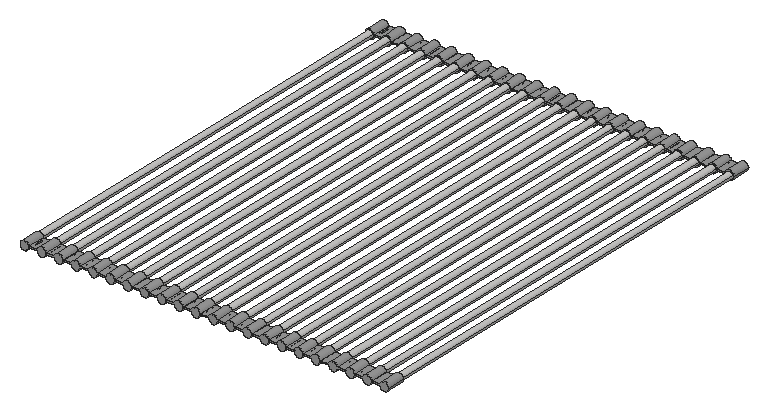
Revit family "ALMA-KACR008-Theo_500_Roll_Matt", category Generic Models, Revit 2026
Family settings
  Can host rebar = No
  Round Connector Dimension = Use Diameter
  Part Type = Normal
  Work Plane-Based = Yes
  Always vertical = Yes
  Cut with Voids When Loaded = No
  Maintain Annotation Orientation = No
  Shared = No
  Room Calculation Point = No
Parameters
  RollMat_Material = BM_STAINLESS STEEL
  Grip_Material = BM_MATTE BLACK
  Default Elevation = 1219.2 mm
Reference planes
  plane 1 "Center (Front/Back)": y = 0
  plane 2: z = 0
  plane 3 "Center (Left/Right)": x = 0
  plane 4: y = 250
  plane 5: y = -250
  plane 6: x = -205
  plane 7: x = 205
  plane 8: y = 230
  plane 9: y = -230
  plane 10: x = -200.19
Forms (mm)
  Extrusion 1, solid, material "BM_STAINLESS STEEL" <- "RollMat_Material"
    sketch origin (0, 0, 0) x (1, 0, 0) y (0, 0, 1)
      loop
        circle (-200.19, 0) r 3.5
    from -230 to 230
  Extrusion 2, solid, material "BM_MATTE BLACK" <- "Grip_Material"
    sketch origin (-0.076, 0, 0.191) x (1, 0, 0) y (0, 0, 1)
      loop
        arc (-195.385, 0.708) -> (-204.924, -0.371) -> (-195.332, -0.736) r 4.813
        line (-195.332, -0.736) -> (-185.828, -0.736)
        arc (-185.828, -0.736) -> (-181.046, -5.004) -> (-176.263, -0.736) r 4.813
        line (-176.263, -0.736) -> (-166.76, -0.736)
        arc (-166.76, -0.736) -> (-161.977, -5.004) -> (-157.195, -0.736) r 4.813
        line (-157.195, -0.736) -> (-147.691, -0.736)
        arc (-147.691, -0.736) -> (-142.909, -5.004) -> (-138.127, -0.736) r 4.813
        line (-138.127, -0.736) -> (-128.623, -0.736)
        arc (-128.623, -0.736) -> (-123.841, -5.004) -> (-119.058, -0.736) r 4.813
        line (-119.058, -0.736) -> (-109.555, -0.736)
        arc (-109.555, -0.736) -> (-104.772, -5.004) -> (-99.99, -0.736) r 4.813
        line (-99.99, -0.736) -> (-90.486, -0.736)
        arc (-90.486, -0.736) -> (-85.704, -5.004) -> (-80.922, -0.736) r 4.813
        line (-80.922, -0.736) -> (-71.418, -0.736)
        arc (-71.418, -0.736) -> (-66.636, -5.004) -> (-61.854, -0.736) r 4.813
        line (-61.854, -0.736) -> (-52.35, -0.736)
        arc (-52.35, -0.736) -> (-47.568, -5.004) -> (-42.785, -0.736) r 4.813
        line (-42.785, -0.736) -> (-33.281, -0.736)
        arc (-33.281, -0.736) -> (-28.499, -5.004) -> (-23.717, -0.736) r 4.813
        line (-23.717, -0.736) -> (-14.213, -0.736)
        arc (-14.213, -0.736) -> (-9.431, -5.004) -> (-4.649, -0.736) r 4.813
        line (-4.649, -0.736) -> (4.855, -0.736)
        arc (4.855, -0.736) -> (9.637, -5.004) -> (14.42, -0.736) r 4.813
        line (14.42, -0.736) -> (23.923, -0.736)
        arc (23.923, -0.736) -> (28.706, -5.004) -> (33.488, -0.736) r 4.813
        line (33.488, -0.736) -> (42.992, -0.736)
        arc (42.992, -0.736) -> (47.774, -5.004) -> (52.556, -0.736) r 4.813
        line (52.556, -0.736) -> (62.06, -0.736)
        arc (62.06, -0.736) -> (66.842, -5.004) -> (71.624, -0.736) r 4.813
        line (71.624, -0.736) -> (81.128, -0.736)
        arc (81.128, -0.736) -> (85.911, -5.004) -> (90.693, -0.736) r 4.813
        line (90.693, -0.736) -> (100.197, -0.736)
        arc (100.197, -0.736) -> (104.979, -5.004) -> (109.761, -0.736) r 4.813
        line (109.761, -0.736) -> (119.265, -0.736)
        arc (119.265, -0.736) -> (124.047, -5.004) -> (128.829, -0.736) r 4.813
        line (128.829, -0.736) -> (138.333, -0.736)
        arc (138.333, -0.736) -> (143.115, -5.004) -> (147.898, -0.736) r 4.813
        line (147.898, -0.736) -> (157.401, -0.736)
        arc (157.401, -0.736) -> (162.184, -5.004) -> (166.966, -0.736) r 4.813
        line (166.966, -0.736) -> (176.416, -0.736)
        arc (176.416, -0.736) -> (181.198, -5.004) -> (185.98, -0.736) r 4.813
        line (185.98, -0.736) -> (195.484, -0.736)
        arc (195.484, -0.736) -> (200.266, -5.004) -> (205.049, -0.736) r 4.813
        arc (205.049, -0.736) -> (200.989, 4.567) -> (195.538, 0.708) r 4.813
        line (195.538, 0.708) -> (185.927, 0.708)
        arc (185.927, 0.708) -> (181.198, 4.622) -> (176.47, 0.708) r 4.813
        line (176.47, 0.708) -> (166.912, 0.708)
        arc (166.912, 0.708) -> (162.184, 4.622) -> (157.455, 0.708) r 4.813
        line (157.455, 0.708) -> (147.844, 0.708)
        arc (147.844, 0.708) -> (143.115, 4.622) -> (138.387, 0.708) r 4.813
        line (138.387, 0.708) -> (128.776, 0.708)
        arc (128.776, 0.708) -> (124.047, 4.622) -> (119.319, 0.708) r 4.813
        line (119.319, 0.708) -> (109.707, 0.708)
        arc (109.707, 0.708) -> (104.979, 4.622) -> (100.25, 0.708) r 4.813
        line (100.25, 0.708) -> (90.639, 0.708)
        arc (90.639, 0.708) -> (85.911, 4.622) -> (81.182, 0.708) r 4.813
        line (81.182, 0.708) -> (71.571, 0.708)
        arc (71.571, 0.708) -> (66.842, 4.622) -> (62.114, 0.708) r 4.813
        line (62.114, 0.708) -> (52.502, 0.708)
        arc (52.502, 0.708) -> (47.774, 4.622) -> (43.046, 0.708) r 4.813
        line (43.046, 0.708) -> (33.434, 0.708)
        arc (33.434, 0.708) -> (28.706, 4.622) -> (23.977, 0.708) r 4.813
        line (23.977, 0.708) -> (14.366, 0.708)
        arc (14.366, 0.708) -> (9.637, 4.622) -> (4.909, 0.708) r 4.813
        line (4.909, 0.708) -> (-4.703, 0.708)
        arc (-4.703, 0.708) -> (-9.431, 4.622) -> (-14.159, 0.708) r 4.813
        line (-14.159, 0.708) -> (-23.771, 0.708)
        arc (-23.771, 0.708) -> (-28.499, 4.622) -> (-33.228, 0.708) r 4.813
        line (-33.228, 0.708) -> (-42.839, 0.708)
        arc (-42.839, 0.708) -> (-47.568, 4.622) -> (-52.296, 0.708) r 4.813
        line (-52.296, 0.708) -> (-61.907, 0.708)
        arc (-61.907, 0.708) -> (-66.636, 4.622) -> (-71.364, 0.708) r 4.813
        line (-71.364, 0.708) -> (-80.976, 0.708)
        arc (-80.976, 0.708) -> (-85.704, 4.622) -> (-90.432, 0.708) r 4.813
        line (-90.432, 0.708) -> (-100.044, 0.708)
        arc (-100.044, 0.708) -> (-104.772, 4.622) -> (-109.501, 0.708) r 4.813
        line (-109.501, 0.708) -> (-119.112, 0.708)
        arc (-119.112, 0.708) -> (-123.841, 4.622) -> (-128.569, 0.708) r 4.813
        line (-128.569, 0.708) -> (-138.181, 0.708)
        arc (-138.181, 0.708) -> (-142.909, 4.622) -> (-147.637, 0.708) r 4.813
        line (-147.637, 0.708) -> (-157.249, 0.708)
        arc (-157.249, 0.708) -> (-161.977, 4.622) -> (-166.706, 0.708) r 4.813
        line (-166.706, 0.708) -> (-176.317, 0.708)
        arc (-176.317, 0.708) -> (-181.046, 4.622) -> (-185.774, 0.708) r 4.813
        line (-185.774, 0.708) -> (-195.385, 0.708)
    from 230 to 250
  Extrusion 3, solid, material "BM_MATTE BLACK" <- "Grip_Material"
    sketch origin (-0.076, 0, 0.191) x (1, 0, 0) y (0, 0, -1)
      loop
        line (-195.385, -0.708) -> (-185.774, -0.708)
        arc (-185.774, -0.708) -> (-181.046, -4.622) -> (-176.317, -0.708) r 4.813
        line (-176.317, -0.708) -> (-166.706, -0.708)
        arc (-166.706, -0.708) -> (-161.977, -4.622) -> (-157.249, -0.708) r 4.813
        line (-157.249, -0.708) -> (-147.637, -0.708)
        arc (-147.637, -0.708) -> (-142.909, -4.622) -> (-138.181, -0.708) r 4.813
        line (-138.181, -0.708) -> (-128.569, -0.708)
        arc (-128.569, -0.708) -> (-123.841, -4.622) -> (-119.112, -0.708) r 4.813
        line (-119.112, -0.708) -> (-109.501, -0.708)
        arc (-109.501, -0.708) -> (-104.772, -4.622) -> (-100.044, -0.708) r 4.813
        line (-100.044, -0.708) -> (-90.432, -0.708)
        arc (-90.432, -0.708) -> (-85.704, -4.622) -> (-80.976, -0.708) r 4.813
        line (-80.976, -0.708) -> (-71.364, -0.708)
        arc (-71.364, -0.708) -> (-66.636, -4.622) -> (-61.907, -0.708) r 4.813
        line (-61.907, -0.708) -> (-52.296, -0.708)
        arc (-52.296, -0.708) -> (-47.568, -4.622) -> (-42.839, -0.708) r 4.813
        line (-42.839, -0.708) -> (-33.228, -0.708)
        arc (-33.228, -0.708) -> (-28.499, -4.622) -> (-23.771, -0.708) r 4.813
        line (-23.771, -0.708) -> (-14.159, -0.708)
        arc (-14.159, -0.708) -> (-9.431, -4.622) -> (-4.703, -0.708) r 4.813
        line (-4.703, -0.708) -> (4.909, -0.708)
        arc (4.909, -0.708) -> (9.637, -4.622) -> (14.366, -0.708) r 4.813
        line (14.366, -0.708) -> (23.977, -0.708)
        arc (23.977, -0.708) -> (28.706, -4.622) -> (33.434, -0.708) r 4.813
        line (33.434, -0.708) -> (43.046, -0.708)
        arc (43.046, -0.708) -> (47.774, -4.622) -> (52.502, -0.708) r 4.813
        line (52.502, -0.708) -> (62.114, -0.708)
        arc (62.114, -0.708) -> (66.842, -4.622) -> (71.571, -0.708) r 4.813
        line (71.571, -0.708) -> (81.182, -0.708)
        arc (81.182, -0.708) -> (85.911, -4.622) -> (90.639, -0.708) r 4.813
        line (90.639, -0.708) -> (100.25, -0.708)
        arc (100.25, -0.708) -> (104.979, -4.622) -> (109.707, -0.708) r 4.813
        line (109.707, -0.708) -> (119.319, -0.708)
        arc (119.319, -0.708) -> (124.047, -4.622) -> (128.776, -0.708) r 4.813
        line (128.776, -0.708) -> (138.387, -0.708)
        arc (138.387, -0.708) -> (143.115, -4.622) -> (147.844, -0.708) r 4.813
        line (147.844, -0.708) -> (157.455, -0.708)
        arc (157.455, -0.708) -> (162.184, -4.622) -> (166.912, -0.708) r 4.813
        line (166.912, -0.708) -> (176.47, -0.708)
        arc (176.47, -0.708) -> (181.198, -4.622) -> (185.927, -0.708) r 4.813
        line (185.927, -0.708) -> (195.538, -0.708)
        arc (195.538, -0.708) -> (200.989, -4.567) -> (205.049, 0.736) r 4.813
        arc (205.049, 0.736) -> (200.266, 5.004) -> (195.484, 0.736) r 4.813
        line (195.484, 0.736) -> (185.98, 0.736)
        arc (185.98, 0.736) -> (181.198, 5.004) -> (176.416, 0.736) r 4.813
        line (176.416, 0.736) -> (166.966, 0.736)
        arc (166.966, 0.736) -> (162.184, 5.004) -> (157.401, 0.736) r 4.813
        line (157.401, 0.736) -> (147.898, 0.736)
        arc (147.898, 0.736) -> (143.115, 5.004) -> (138.333, 0.736) r 4.813
        line (138.333, 0.736) -> (128.829, 0.736)
        arc (128.829, 0.736) -> (124.047, 5.004) -> (119.265, 0.736) r 4.813
        line (119.265, 0.736) -> (109.761, 0.736)
        arc (109.761, 0.736) -> (104.979, 5.004) -> (100.197, 0.736) r 4.813
        line (100.197, 0.736) -> (90.693, 0.736)
        arc (90.693, 0.736) -> (85.911, 5.004) -> (81.128, 0.736) r 4.813
        line (81.128, 0.736) -> (71.624, 0.736)
        arc (71.624, 0.736) -> (66.842, 5.004) -> (62.06, 0.736) r 4.813
        line (62.06, 0.736) -> (52.556, 0.736)
        arc (52.556, 0.736) -> (47.774, 5.004) -> (42.992, 0.736) r 4.813
        line (42.992, 0.736) -> (33.488, 0.736)
        arc (33.488, 0.736) -> (28.706, 5.004) -> (23.923, 0.736) r 4.813
        line (23.923, 0.736) -> (14.42, 0.736)
        arc (14.42, 0.736) -> (9.637, 5.004) -> (4.855, 0.736) r 4.813
        line (4.855, 0.736) -> (-4.649, 0.736)
        arc (-4.649, 0.736) -> (-9.431, 5.004) -> (-14.213, 0.736) r 4.813
        line (-14.213, 0.736) -> (-23.717, 0.736)
        arc (-23.717, 0.736) -> (-28.499, 5.004) -> (-33.281, 0.736) r 4.813
        line (-33.281, 0.736) -> (-42.785, 0.736)
        arc (-42.785, 0.736) -> (-47.568, 5.004) -> (-52.35, 0.736) r 4.813
        line (-52.35, 0.736) -> (-61.854, 0.736)
        arc (-61.854, 0.736) -> (-66.636, 5.004) -> (-71.418, 0.736) r 4.813
        line (-71.418, 0.736) -> (-80.922, 0.736)
        arc (-80.922, 0.736) -> (-85.704, 5.004) -> (-90.486, 0.736) r 4.813
        line (-90.486, 0.736) -> (-99.99, 0.736)
        arc (-99.99, 0.736) -> (-104.772, 5.004) -> (-109.555, 0.736) r 4.813
        line (-109.555, 0.736) -> (-119.058, 0.736)
        arc (-119.058, 0.736) -> (-123.841, 5.004) -> (-128.623, 0.736) r 4.813
        line (-128.623, 0.736) -> (-138.127, 0.736)
        arc (-138.127, 0.736) -> (-142.909, 5.004) -> (-147.691, 0.736) r 4.813
        line (-147.691, 0.736) -> (-157.195, 0.736)
        arc (-157.195, 0.736) -> (-161.977, 5.004) -> (-166.76, 0.736) r 4.813
        line (-166.76, 0.736) -> (-176.263, 0.736)
        arc (-176.263, 0.736) -> (-181.046, 5.004) -> (-185.828, 0.736) r 4.813
        line (-185.828, 0.736) -> (-195.332, 0.736)
        arc (-195.332, 0.736) -> (-204.924, 0.371) -> (-195.385, -0.708) r 4.813
    from 230 to 250
  Extrusion 4, solid, material "BM_STAINLESS STEEL" <- "RollMat_Material"
    sketch origin (19.068, 0, 0) x (1, 0, 0) y (0, 0, 1)
      loop
        circle (-200.19, 0) r 3.5
    from -230 to 230
  Extrusion 5, solid, material "BM_STAINLESS STEEL" <- "RollMat_Material"
    sketch origin (38.137, 0, 0) x (1, 0, 0) y (0, 0, 1)
      loop
        circle (-200.19, 0) r 3.5
    from -230 to 230
  Extrusion 6, solid, material "BM_STAINLESS STEEL" <- "RollMat_Material"
    sketch origin (57.205, 0, 0) x (1, 0, 0) y (0, 0, 1)
      loop
        circle (-200.19, 0) r 3.5
    from -230 to 230
  Extrusion 7, solid, material "BM_STAINLESS STEEL" <- "RollMat_Material"
    sketch origin (76.273, 0, 0) x (1, 0, 0) y (0, 0, 1)
      loop
        circle (-200.19, 0) r 3.5
    from -230 to 230
  Extrusion 8, solid, material "BM_STAINLESS STEEL" <- "RollMat_Material"
    sketch origin (95.341, 0, 0) x (1, 0, 0) y (0, 0, 1)
      loop
        circle (-200.19, 0) r 3.5
    from -230 to 230
  Extrusion 9, solid, material "BM_STAINLESS STEEL" <- "RollMat_Material"
    sketch origin (114.41, 0, 0) x (1, 0, 0) y (0, 0, 1)
      loop
        circle (-200.19, 0) r 3.5
    from -230 to 230
  Extrusion 10, solid, material "BM_STAINLESS STEEL" <- "RollMat_Material"
    sketch origin (133.478, 0, 0) x (1, 0, 0) y (0, 0, 1)
      loop
        circle (-200.19, 0) r 3.5
    from -230 to 230
  Extrusion 11, solid, material "BM_STAINLESS STEEL" <- "RollMat_Material"
    sketch origin (152.546, 0, 0) x (1, 0, 0) y (0, 0, 1)
      loop
        circle (-200.19, 0) r 3.5
    from -230 to 230
  Extrusion 12, solid, material "BM_STAINLESS STEEL" <- "RollMat_Material"
    sketch origin (171.615, 0, 0) x (1, 0, 0) y (0, 0, 1)
      loop
        circle (-200.19, 0) r 3.5
    from -230 to 230
  Extrusion 13, solid, material "BM_STAINLESS STEEL" <- "RollMat_Material"
    sketch origin (190.683, 0, 0) x (1, 0, 0) y (0, 0, 1)
      loop
        circle (-200.19, 0) r 3.5
    from -230 to 230
  Extrusion 14, solid, material "BM_STAINLESS STEEL" <- "RollMat_Material"
    sketch origin (209.751, 0, 0) x (1, 0, 0) y (0, 0, 1)
      loop
        circle (-200.19, 0) r 3.5
    from -230 to 230
  Extrusion 15, solid, material "BM_STAINLESS STEEL" <- "RollMat_Material"
    sketch origin (228.82, 0, 0) x (1, 0, 0) y (0, 0, 1)
      loop
        circle (-200.19, 0) r 3.5
    from -230 to 230
  Extrusion 16, solid, material "BM_STAINLESS STEEL" <- "RollMat_Material"
    sketch origin (247.888, 0, 0) x (1, 0, 0) y (0, 0, 1)
      loop
        circle (-200.19, 0) r 3.5
    from -230 to 230
  Extrusion 17, solid, material "BM_STAINLESS STEEL" <- "RollMat_Material"
    sketch origin (266.956, 0, 0) x (1, 0, 0) y (0, 0, 1)
      loop
        circle (-200.19, 0) r 3.5
    from -230 to 230
  Extrusion 18, solid, material "BM_STAINLESS STEEL" <- "RollMat_Material"
    sketch origin (286.024, 0, 0) x (1, 0, 0) y (0, 0, 1)
      loop
        circle (-200.19, 0) r 3.5
    from -230 to 230
  Extrusion 19, solid, material "BM_STAINLESS STEEL" <- "RollMat_Material"
    sketch origin (305.093, 0, 0) x (1, 0, 0) y (0, 0, 1)
      loop
        circle (-200.19, 0) r 3.5
    from -230 to 230
  Extrusion 20, solid, material "BM_STAINLESS STEEL" <- "RollMat_Material"
    sketch origin (324.161, 0, 0) x (1, 0, 0) y (0, 0, 1)
      loop
        circle (-200.19, 0) r 3.5
    from -230 to 230
  Extrusion 21, solid, material "BM_STAINLESS STEEL" <- "RollMat_Material"
    sketch origin (343.229, 0, 0) x (1, 0, 0) y (0, 0, 1)
      loop
        circle (-200.19, 0) r 3.5
    from -230 to 230
  Extrusion 22, solid, material "BM_STAINLESS STEEL" <- "RollMat_Material"
    sketch origin (362.298, 0, 0) x (1, 0, 0) y (0, 0, 1)
      loop
        circle (-200.19, 0) r 3.5
    from -230 to 230
  Extrusion 23, solid, material "BM_STAINLESS STEEL" <- "RollMat_Material"
    sketch origin (381.366, 0, 0) x (1, 0, 0) y (0, 0, 1)
      loop
        circle (-200.19, 0) r 3.5
    from -230 to 230
  Extrusion 24, solid, material "BM_STAINLESS STEEL" <- "RollMat_Material"
    sketch origin (400.434, 0, 0) x (1, 0, 0) y (0, 0, 1)
      loop
        circle (-200.19, 0) r 3.5
    from -230 to 230
Text (mm)
  text "Refer to www.buildmat.com.au for the most current product literature. \nAllow a +/- 5mm tolerance for dimensions shown in the product literature. \nPlease note product details are subject to change due to ongoing product development." at (-11.255, -519.497, 0), in view "Ref. Level"
Dimensions and locks
  plane 6 to plane 7 = 410 mm
  plane 4 to plane 5 = 500 mm
  aligned and locked: level to plane 2
